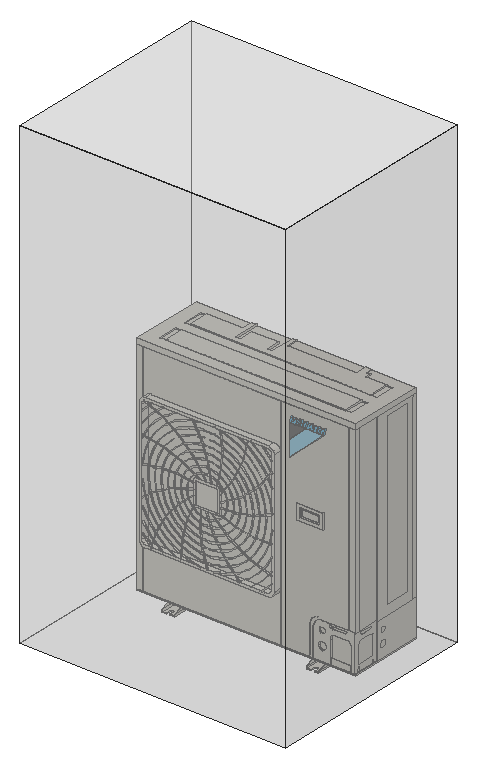
Revit family "outputfile", category 機械設備, Revit 2024 (continued)
Definition of nested family "DAIKIN_outdoorunit_RZFG-AY14"
  Definition of nested family "outdoorunit_frontpanel2"
    Dimensions and locks
      "depth": plane 4 "Back" to plane 5 "Front"
      "width": plane 8 "Left" to plane 6
      "height1": plane 7 "Top" to plane 2 "Bottom"
      locked: plane 10 to plane 9 at 3.199
      plane 5 "Front" to plane 11 = 3.0 mm
      "c": Extrusion 2 sketch curve to plane 2 "Bottom"
      "d": plane 6 to Extrusion 2 sketch curve
      plane 9 to plane 5 "Front" = 3.0 mm
      locked: plane 16 to plane 11 at 1
      plane 12 to plane 13 = 63.168 mm
      "b": plane 13 to plane 2 "Bottom"
      "a": plane 14 to plane 8 "Left"
      plane 15 to plane 14 = 111.0 mm
      locked: plane 12 to Extrusion 4 sketch curve at 10.668
      locked: Extrusion 4 sketch curve to plane 13 at 10.668
      locked: Extrusion 4 sketch curve to plane 14 at 11.193
      locked: plane 15 to Extrusion 4 sketch curve at 11.161
      locked: plane 12 to Extrusion 3 sketch curve at 18.138
      locked: Extrusion 3 sketch curve to plane 13 at 15.648
      locked: Extrusion 3 sketch curve to plane 14 at 16.671
      locked: plane 15 to Extrusion 3 sketch curve at 18.631
      plane 6 to Extrusion 5 sketch curve to Extrusion 5 sketch curve = 26.001 mm locked, 3.081 mm locked
      Extrusion 5 sketch curve to Extrusion 5 sketch curve to plane 2 "Bottom" = 767.453 mm locked, 165.04 mm locked
      Extrusion 5 sketch curve to Extrusion 5 sketch curve to plane 8 "Left" = 3.098 mm locked, 120.45 mm locked
      Extrusion 5 sketch curve to Extrusion 5 sketch curve to plane 2 "Bottom" = 3.101 mm locked, 170.949 mm locked
      locked: Extrusion 5 sketch curve to plane 2 "Bottom" at 6.529
      locked: Extrusion 5 sketch curve to plane 8 "Left" at 280.451
      radius of Extrusion 5 sketch curve = 57.549 mm
      radius of Extrusion 5 sketch curve = 54.452 mm
      "e": radius of Extrusion 2 sketch curve
      aligned and locked: level to plane 2 "Bottom"
      aligned and locked: plane 8 "Left" to Extrusion 1 sketch curve
      aligned and locked: Extrusion 1 sketch curve to plane 4 "Back"
      aligned and locked: plane 5 "Front" to Extrusion 1 sketch curve
      aligned and locked: Extrusion 1 to plane 2 "Bottom"
      aligned and locked: plane 7 "Top" to Extrusion 1
      aligned and locked: plane 3 to plane 8 "Left"
      aligned and locked: plane 2 "Bottom" to Extrusion 2 sketch curve
      aligned and locked: plane 4 "Back" to Extrusion 2
      aligned and locked: plane 9 to Extrusion 3
      aligned and locked: Extrusion 3 to plane 5 "Front"
      aligned and locked: Extrusion 4 to plane 16
      aligned and locked: Extrusion 4 sketch curve to plane 12
      aligned and locked: plane 13 to Extrusion 4 sketch curve
      aligned and locked: plane 14 to Extrusion 4 sketch curve
      aligned and locked: Extrusion 4 sketch curve to plane 15
      aligned and locked: Extrusion 4 to cut or joined group of Extrusion 1, Extrusion 2, Extrusion 3, Extrusion 5
    Automatic sketch dimensions
      Extrusion 1 sketch curve to plane 6 = 0.0 mm
      Extrusion 5 sketch curve to plane 6 = 27.541 mm
      Extrusion 5 sketch curve to Extrusion 5 sketch curve = 0.0 mm  (x7)
      Extrusion 2 sketch curve to plane 6 = 0.0 mm
  Definition of nested family "outdoorunit_backpanel3"
    Parameters (values of type "frontpanel3")
      width = 210.0 mm
      switch_unit1_140 = yes
      material [instance] = none
      height1 = 940.0 mm
      depth = 15.0 mm
      a = 158.5 mm
      Default Elevation = 0.0 mm
    Reference planes
      plane 1 "Center (Front/Back)": y = 0
      plane 2 "Bottom": z = 0
      plane 3: x = 0
      plane 4 "Back": y = 7.5
      plane 5 "Front": y = -7.5
      plane 6: x = 210
      plane 7 "Top": z = 940
      plane 8 "Left": x = 0
      plane 9: y = -4.5
      plane 10: y = -1.301
      plane 11: y = -10.5
      plane 12: z = 158.5
    Forms (mm)
      Extrusion 1, solid, material <- "material", visible <- "switch_unit1_140"
        sketch origin (0, 0, 0) x (1, 0, 0) y (0, 1, 0)
          loop
            line (0, 7.5) -> (0, -7.5) -> (210, -7.5) -> (210, 7.5) -> (0, 7.5)
        from 0 to 940
      Extrusion 2, void
        sketch origin (0, 0, 0) x (1, 0, 0) y (0, 0, 1)
          loop
            line (100, 0) -> (100, 116.5)
            arc (100, 116.5) -> (87.698, 146.198) -> (58, 158.5) r 42
            line (58, 158.5) -> (0, 158.5) -> (0, 0) -> (100, 0)
        from -7.5 to 10.5
      Extrusion 3, solid, material <- "material", visible <- "switch_unit1_140"
        sketch origin (-10, 0, 0) x (1, 0, 0) y (0, 0, 1)
          loop
            line (64, 922) -> (64, 588.5) -> (139, 588.5) -> (139, 51) -> (188, 51) -> (188, 685.5) -> (126, 685.5) -> (126, 731.5) -> (188, 731.5) -> (188, 922) -> (64, 922)
        from 7.5 to 10.5
      Extrusion 4, void
        sketch origin (0, 0, 0) x (1, 0, 0) y (0, 0, 1)
          loop
            arc (39, 556.5) -> (31.929, 553.571) -> (29, 546.5) r 10
            line (29, 546.5) -> (29, 522.5)
            arc (29, 522.5) -> (31.929, 515.429) -> (39, 512.5) r 10
            line (39, 512.5) -> (111, 512.5)
            arc (111, 512.5) -> (118.071, 515.429) -> (121, 522.5) r 10
            line (121, 522.5) -> (121, 546.5)
            arc (121, 546.5) -> (118.071, 553.571) -> (111, 556.5) r 10
            line (111, 556.5) -> (39, 556.5)
        from 4.5 to 10.5
      Extrusion 5, solid, material <- "material", visible <- "switch_unit1_140"
        sketch origin (11.5, 0, 11.453) x (1, 0, 0) y (0, 0, 1)
          loop
            line (126, 708.5) -> (126, 685.5) -> (229.5, 685.5) -> (229.5, 708.5) -> (126, 708.5)
          loop
            arc (134, 701) -> (130, 697) -> (134, 693) r 4
            line (134, 693) -> (143, 693)
            arc (143, 693) -> (147, 697) -> (143, 701) r 4
            line (143, 701) -> (134, 701)
        from 7.5 to 10.5
      Extrusion 6, void
        sketch origin (0, 0, 0) x (1, 0, 0) y (0, 0, 1)
          loop
            circle (52, 195) r 17
          loop
            circle (52, 250) r 13.5
        from 4.5 to 7.5
    Cuts and joins
      Extrusion 2, Extrusion 4, Extrusion 6 cuts Extrusion 1
    Dimensions and locks
      equal spacing: plane 4 "Back", plane 1 "Center (Front/Back)", plane 5 "Front"
      "depth": plane 4 "Back" to plane 5 "Front"
      "width": plane 8 "Left" to plane 6
      "height1": plane 7 "Top" to plane 2 "Bottom"
      locked: plane 10 to plane 9 at 3.199
      locked: plane 5 "Front" to plane 11 at 3
      locked: plane 8 "Left" to Extrusion 2 sketch curve at 100
      locked: Extrusion 3 sketch curve to plane 8 "Left" at 54
      locked: Extrusion 3 sketch curve to Extrusion 3 sketch curve at 124
      locked: Extrusion 3 sketch curve to Extrusion 3 sketch curve at 46
      locked: Extrusion 3 sketch curve to Extrusion 3 sketch curve at 97
      locked: Extrusion 3 sketch curve to plane 2 "Bottom" at 51
      locked: Extrusion 4 sketch curve to Extrusion 4 sketch curve at 92
      locked: Extrusion 4 sketch curve to Extrusion 4 sketch curve at 44
      locked: plane 8 "Left" to Extrusion 4 sketch curve at 29
      locked: Extrusion 5 sketch curve to Extrusion 5 sketch curve at 23
      locked: Extrusion 5 sketch curve to Extrusion 5 sketch curve at 103.5
      locked: Extrusion 5 sketch curve to Extrusion 5 sketch curve at 7.5  (x2)
      Extrusion 5 sketch curve to Extrusion 5 sketch curve to Extrusion 5 sketch curve = 9.0 mm locked, 8.0 mm locked
      locked: Extrusion 5 sketch curve to Extrusion 3 at 21.5
      locked: Extrusion 3 to Extrusion 5 sketch curve at 11.547
      locked: Extrusion 3 sketch curve to plane 2 "Bottom" at 588.5
      locked: Extrusion 4 sketch curve to plane 2 "Bottom" at 512.5
      locked: plane 7 "Top" to Extrusion 3 sketch curve at 18
      locked: plane 9 to plane 5 "Front" at 3
      "a": plane 12 to plane 2 "Bottom"
      locked: Extrusion 6 sketch curve to Extrusion 6 sketch curve at 55
      locked: Extrusion 6 sketch curve to plane 2 "Bottom" at 195
      locked: Extrusion 6 sketch curve to plane 8 "Left" at 52  (x2)
      radius of Extrusion 2 sketch curve = 42.0 mm
      aligned and locked: level to plane 2 "Bottom"
      aligned and locked: plane 8 "Left" to Extrusion 1 sketch curve
      aligned and locked: Extrusion 1 sketch curve to plane 4 "Back"
      aligned and locked: plane 5 "Front" to Extrusion 1 sketch curve
      aligned and locked: Extrusion 1 to plane 2 "Bottom"
      aligned and locked: plane 7 "Top" to Extrusion 1
      aligned and locked: plane 3 to plane 8 "Left"
      aligned and locked: plane 5 "Front" to Extrusion 3
      aligned and locked: Extrusion 3 to plane 11
      aligned and locked: plane 2 "Bottom" to Extrusion 2 sketch curve
      aligned and locked: Extrusion 2 sketch curve to plane 8 "Left"
      aligned and locked: Extrusion 4 to plane 11
      aligned and locked: plane 4 "Back" to Extrusion 2
      aligned and locked: Extrusion 2 to plane 11
      aligned and locked: Extrusion 3 sketch curve to Extrusion 3 sketch curve
      aligned and locked: Extrusion 2 sketch curve to plane 12
      aligned and locked: plane 9 to Extrusion 6
      aligned and locked: Extrusion 6 to plane 5 "Front"
    Automatic sketch dimensions
      Extrusion 1 sketch curve to plane 6 = 0.0 mm
      Extrusion 3 sketch curve to Extrusion 3 sketch curve = 75.0 mm
      Extrusion 4 sketch curve to Extrusion 4 sketch curve = 10.0 mm  (x4)
      Extrusion 3 sketch curve to Extrusion 3 sketch curve = 62.0 mm
      radius of Extrusion 6 sketch curve = 17.0 mm
      radius of Extrusion 6 sketch curve = 13.5 mm
  Definition of nested family "outdoorunit_uppanel1"
    Parameters (values of type "frontpanel1")
      width = 845.0 mm
      switch_unit1_140 = yes
      material [instance] = none
      height1 = 300.0 mm
      depth = 27.5 mm
      Default Elevation = 0.0 mm
    Reference planes
      plane 1 "Center (Front/Back)": y = 0
      plane 2 "Bottom": z = -20
      plane 3: x = -95
      plane 4 "Back": y = 2.75
      plane 5 "Front": y = -19.25
      plane 6: x = 750
      plane 7 "Top": z = 280
      plane 8 "Left": x = -95
      plane 9: y = -22.25
      plane 10: y = -16.25
      plane 11 "Center L/X": y = 12.75
      plane 12: z = 330
      plane 13: x = 835
      plane 14: y = 10.75
      plane 15: x = 845
      plane 16 "Center L/BB": z = 300
    Forms (mm)
      Extrusion 1, solid, material <- "material", visible <- "switch_unit1_140"
        sketch origin (0, -5.5, 0) x (1, 0, 0) y (0, 1, 0)
          loop
            line (-95, 8.25) -> (-95, -13.75) -> (845, -13.75) -> (845, 8.25) -> (-95, 8.25)
        from -20 to 300
      Extrusion 2, solid, material <- "material", visible <- "switch_unit1_140"
        sketch origin (5, -5.5, 0) x (1, 0, 0) y (0, 0, 1)
          loop
            line (-14.699, 250) -> (-14.699, 164.607) -> (754.699, 164.607) -> (754.699, 250.005) -> (668.032, 250.005) -> (668.032, 272.5) -> (651, 272.5) -> (651, 300) -> (628, 300) -> (628, 250) -> (330.85, 250) -> (330.85, 300) -> (312.15, 300) -> (312.15, 190) -> (292.15, 190) -> (292.15, 250) -> (177.85, 250) -> (177.85, 190) -> (157.85, 190) -> (157.85, 300) -> (139.15, 300) -> (139.15, 250) -> (-14.699, 250)
          loop
            line (-14.699, 115.4) -> (-14.699, 30.148) -> (754.699, 30.148) -> (754.699, 115.4) -> (-14.699, 115.4)
        from 13.75 to 16.75
      Extrusion 3, void
        sketch origin (5, -5.5, 0) x (1, 0, 0) y (0, 0, 1)
          loop
            line (-14.699, 250) -> (-40.699, 250) -> (-40.699, 164.605) -> (-14.699, 164.605) -> (-14.699, 250)
          loop
            line (157.85, 190) -> (177.85, 190) -> (177.85, 250) -> (292.15, 250) -> (292.15, 190) -> (312.15, 190) -> (312.15, 300) -> (157.85, 300) -> (157.85, 190)
          loop
            line (754.699, 164.605) -> (780.699, 164.605) -> (780.699, 250) -> (754.699, 250) -> (754.699, 164.605)
          loop
            line (-14.699, 115.4) -> (-40.699, 115.4) -> (-40.699, 30.005) -> (-14.699, 30.005) -> (-14.699, 115.4)
          loop
            line (754.699, 30.005) -> (780.699, 30.005) -> (780.699, 115.4) -> (754.699, 115.4) -> (754.699, 30.005)
        from 10.75 to 13.75
    Cuts and joins
      Extrusion 3 cuts Extrusion 1
      joined: Extrusion 1, Extrusion 2
    Dimensions and locks
      "width": plane 8 "Left" to plane 6
      "height1": plane 7 "Top" to plane 2 "Bottom"
      plane 9 to plane 5 "Front" to plane 10 = 3.0 mm locked, 3.0 mm locked
      locked: plane 4 "Back" to plane 5 "Front" at 22
      locked: plane 11 "Center L/X" to plane 5 "Front" at 32
      locked: plane 12 to plane 2 "Bottom" at 350
      locked: plane 8 "Left" to plane 13 at 930
      locked: plane 14 to plane 5 "Front" at 30
      locked: plane 16 "Center L/BB" to plane 2 "Bottom" at 320
      aligned and locked: plane 3 to plane 8 "Left"
      aligned and locked: plane 15 to cut or joined group of Extrusion 1, Extrusion 2, Extrusion 3
      aligned and locked: cut or joined group of Extrusion 1, Extrusion 2, Extrusion 3 to plane 4 "Back"
      aligned and locked: plane 16 "Center L/BB" to cut or joined group of Extrusion 1, Extrusion 2, Extrusion 3
    Automatic sketch dimensions
      Extrusion 1 sketch curve to plane 3 = 0.0 mm
      plane 5 "Front" to Extrusion 1 sketch curve = 0.0 mm
      Extrusion 1 sketch curve to plane 15 = 0.0 mm
      Extrusion 1 sketch curve to plane 4 "Back" = 0.0 mm
      Extrusion 2 sketch curve to plane 7 "Top" = 30.0 mm  (x3)
      plane 3 to Extrusion 2 sketch curve = 85.301 mm
      Extrusion 2 sketch curve to Extrusion 2 sketch curve = 0.0 mm
      plane 16 "Center L/BB" to Extrusion 2 sketch curve = 0.0 mm  (x3)
      Extrusion 2 sketch curve to Extrusion 2 sketch curve = 153.849 mm
      Extrusion 2 sketch curve to Extrusion 2 sketch curve = 18.7 mm  (x2)
      Extrusion 2 sketch curve to Extrusion 2 sketch curve = 20.0 mm  (x2)
      Extrusion 2 sketch curve to Extrusion 2 sketch curve = 114.3 mm
      Extrusion 2 sketch curve to plane 6 = 117.0 mm
      Extrusion 2 sketch curve to plane 7 "Top" = 7.5 mm
      Extrusion 2 sketch curve to Extrusion 2 sketch curve = 23.0 mm
      Extrusion 2 sketch curve to Extrusion 2 sketch curve = 17.032 mm
      plane 6 to Extrusion 2 sketch curve = 9.699 mm  (x2)
      Extrusion 2 sketch curve to Extrusion 2 sketch curve = 60.0 mm  (x2)
      Extrusion 2 sketch curve to plane 7 "Top" = 115.393 mm
      Extrusion 2 sketch curve to Extrusion 2 sketch curve = 49.207 mm
      level to Extrusion 2 sketch curve = 30.148 mm
      Extrusion 2 sketch curve to Extrusion 2 sketch curve = 22.495 mm
      Extrusion 3 sketch curve to plane 16 "Center L/BB" = 0.0 mm
      plane 3 to Extrusion 3 sketch curve = 59.301 mm  (x2)
      Extrusion 3 sketch curve to Extrusion 3 sketch curve = 26.0 mm  (x4)
      Extrusion 3 sketch curve to Extrusion 3 sketch curve = 172.549 mm
      Extrusion 3 sketch curve to Extrusion 3 sketch curve = 20.0 mm  (x2)
      Extrusion 3 sketch curve to Extrusion 3 sketch curve = 114.3 mm
      plane 6 to Extrusion 3 sketch curve = 9.699 mm  (x2)
      Extrusion 3 sketch curve to plane 7 "Top" = 30.0 mm  (x3)
      Extrusion 3 sketch curve to Extrusion 3 sketch curve = 60.0 mm  (x2)
      Extrusion 3 sketch curve to Extrusion 3 sketch curve = 85.395 mm  (x2)
      Extrusion 3 sketch curve to Extrusion 3 sketch curve = 49.205 mm  (x2)
      level to Extrusion 3 sketch curve = 30.005 mm  (x2)
  Definition of nested family "outdoorunit_3"
    Parameters (values of type "frontpanel2")
      width = 85.0 mm
      switch_unit1 = no
      material [instance] = none
      height1 = 24.0 mm
      depth = 380.0 mm
      Default Elevation = 0.0 mm
    Reference planes
      plane 1 "Center (Front/Back)": y = 0
      plane 2 "Bottom": z = 0
      plane 3 "Center (Left/Right)": x = 0
      plane 4 "Top": z = 24
      plane 5 "Center L/BB": x = -42.5
      plane 6 "Center L/CC": x = 42.5
      plane 7: y = 190
      plane 8: y = -190
      plane 9: y = 175
      plane 10: y = -175
    Forms (mm)
      Extrusion 1, solid, material <- "material", visible <- "switch_unit1"
        sketch origin (0, 0, 0) x (1, 0, 0) y (0, 0, 1)
          loop
            line (-42.5, 24) -> (-42.5, 22.4) -> (-29.4, 22.4) -> (-28.864, 18.4) -> (-27.471, 8) -> (-26.4, 0) -> (26.4, 0) -> (27.471, 8) -> (28.864, 18.4) -> (29.4, 22.4) -> (42.5, 22.4) -> (42.5, 24) -> (28, 24) -> (27.25, 18.4) -> (25.857, 8) -> (25, 1.6) -> (-25, 1.6) -> (-25.857, 8) -> (-27.25, 18.4) -> (-28, 24) -> (-42.5, 24)
        from -190 to 190
      Extrusion 2, void
        sketch origin (0, 0, 0) x (1, 0, 0) y (0, 1, 0)
          loop
            arc (-7.5, 175) -> (0, 167.5) -> (7.5, 175) r 7.5
            line (7.5, 175) -> (7.5, 190) -> (-7.5, 190) -> (-7.5, 175)
        from 0 to 1.6
      Extrusion 3, void
        sketch origin (0, 0, 0) x (1, 0, 0) y (0, 1, 0)
          loop
            line (-7.5, -175) -> (-7.5, -190) -> (7.5, -190) -> (7.5, -175)
            arc (7.5, -175) -> (0, -167.5) -> (-7.5, -175) r 7.5
        from 0 to 1.6
      Extrusion 4, void
        sketch origin (0, 0, 0) x (0, 1, 0) y (0, 0, 1)
          loop
            line (159, 18.4) -> (190, 8) -> (190, 24) -> (145, 24) -> (145, 22.4) -> (149, 18.4) -> (159, 18.4)
          loop
            line (-190, 24) -> (-190, 8) -> (-159, 22.4) -> (-159, 24) -> (-190, 24)
        from -42.5 to 42.5
    Cuts and joins
      Extrusion 2, Extrusion 3, Extrusion 4 cuts Extrusion 1
    Dimensions and locks
      "height1": plane 4 "Top" to plane 2 "Bottom"
      equal spacing: plane 5 "Center L/BB", plane 3 "Center (Left/Right)", plane 6 "Center L/CC"
      "width": plane 6 "Center L/CC" to plane 5 "Center L/BB"
      equal spacing: plane 8, plane 1 "Center (Front/Back)", plane 7
      "depth": plane 8 to plane 7
      locked: plane 9 to plane 7 at 15
      locked: plane 10 to plane 8 at 15
      Extrusion 2 to plane 3 "Center (Left/Right)" = 7.5 mm
      aligned and locked: level to plane 2 "Bottom"
      aligned and locked: Extrusion 1 to plane 7
      aligned and locked: Extrusion 1 to plane 8
      aligned and locked: plane 9 to Extrusion 2 sketch curve
      aligned and locked: plane 3 "Center (Left/Right)" to Extrusion 2 sketch curve
      aligned and locked: Extrusion 2 to level
      aligned and locked: Extrusion 4 to plane 5 "Center L/BB"
      aligned and locked: Extrusion 4 to plane 6 "Center L/CC"
    Automatic sketch dimensions
      Extrusion 1 sketch curve to plane 5 "Center L/BB" = 0.0 mm
      plane 6 "Center L/CC" to Extrusion 1 sketch curve = 0.0 mm
      plane 5 "Center L/BB" to Extrusion 1 sketch curve = 13.1 mm
      level to Extrusion 1 sketch curve = 0.0 mm
      plane 5 "Center L/BB" to Extrusion 1 sketch curve = 16.1 mm
      level to Extrusion 1 sketch curve = 8.0 mm  (x2)
      plane 6 "Center L/CC" to Extrusion 1 sketch curve = 17.5 mm
      Extrusion 1 sketch curve to plane 4 "Top" = 0.0 mm  (x2)
      Extrusion 1 sketch curve to Extrusion 1 sketch curve = 0.529 mm
      Extrusion 1 sketch curve to plane 4 "Top" = 5.6 mm  (x5)
      Extrusion 1 sketch curve to Extrusion 1 sketch curve = 0.864 mm
      Extrusion 1 sketch curve to Extrusion 1 sketch curve = 1.4 mm  (x4)
      Extrusion 1 sketch curve to plane 4 "Top" = 1.6 mm
      Extrusion 1 sketch curve to Extrusion 1 sketch curve = 1.614 mm  (x4)
      Extrusion 1 sketch curve to Extrusion 1 sketch curve = 0.0 mm  (x5)
      level to Extrusion 1 sketch curve = 1.6 mm
      Extrusion 2 sketch curve to plane 3 "Center (Left/Right)" = 7.5 mm
      Extrusion 3 sketch curve to plane 10 = 0.0 mm
      Extrusion 3 sketch curve to plane 3 "Center (Left/Right)" = 0.0 mm
      Extrusion 3 sketch curve to plane 3 "Center (Left/Right)" = 7.5 mm
      Extrusion 4 sketch curve to plane 7 = 0.0 mm
      Extrusion 4 sketch curve to plane 4 "Top" = 5.6 mm
      plane 9 to Extrusion 4 sketch curve = 16.0 mm
      Extrusion 4 sketch curve to Extrusion 4 sketch curve = 10.0 mm
      level to Extrusion 4 sketch curve = 8.0 mm  (x2)
      Extrusion 4 sketch curve to plane 4 "Top" = 1.6 mm  (x2)
      Extrusion 4 sketch curve to Extrusion 4 sketch curve = 4.0 mm
      Extrusion 4 sketch curve to plane 8 = 0.0 mm
      Extrusion 4 sketch curve to plane 4 "Top" = 0.0 mm  (x2)
      plane 10 to Extrusion 4 sketch curve = 16.0 mm
      plane 7 to Extrusion 2 sketch curve = 0.0 mm
      plane 8 to Extrusion 3 sketch curve = 0.0 mm
      Extrusion 1 sketch curve to Extrusion 1 sketch curve = 0.536 mm
      Extrusion 1 sketch curve to Extrusion 1 sketch curve = 0.543 mm
      Extrusion 1 sketch curve to Extrusion 1 sketch curve = 2.471 mm
      Extrusion 1 sketch curve to Extrusion 1 sketch curve = 1.6 mm
  Definition of nested family "outdoorunit_front1"
    Parameters (values of type "front1")
      width = 578.0 mm
      switch_unit1_140 = yes
      material_casing = none
      material [instance] = none
      height1 = 578.0 mm
      depth = 30.0 mm
      Default Elevation = 0.0 mm
    Reference planes
      plane 1 "Center (Front/Back)": y = 0
      plane 2 "Bottom": z = 0
      plane 3 "Center (Left/Right)": x = 0
      plane 4 "unit1_2": z = 0
      plane 5: y = -30
      plane 6: y = -28
      plane 7 "00": y = -29
      plane 8: z = 0
      plane 9: z = 0
      plane 10: x = -289
      plane 11: x = 289
      plane 12: z = 289
      plane 13: z = -289
      plane 14: y = -22
      plane 15: y = -3.987
      plane 16: y = -23
    Forms (mm)
      Extrusion 1, solid, material <- "material_casing", visible <- "switch_unit1_140"
        sketch origin (-567.997, -190, -2858.504) x (-1, 0, 0) y (0, 0, 1)
          loop
            line (-278.997, 2594.504) -> (-278.997, 3122.504)
            arc (-278.997, 3122.504) -> (-286.32, 3140.181) -> (-303.997, 3147.504) r 25
            line (-303.997, 3147.504) -> (-831.997, 3147.504)
            arc (-831.997, 3147.504) -> (-849.675, 3140.181) -> (-856.997, 3122.504) r 25
            line (-856.997, 3122.504) -> (-856.997, 2594.504)
            arc (-856.997, 2594.504) -> (-849.675, 2576.826) -> (-831.997, 2569.504) r 25
            line (-831.997, 2569.504) -> (-303.997, 2569.504)
            arc (-303.997, 2569.504) -> (-286.32, 2576.826) -> (-278.997, 2594.504) r 25
          loop
            line (-288.997, 2599.504) -> (-288.997, 3117.504)
            arc (-288.997, 3117.504) -> (-294.855, 3131.646) -> (-308.997, 3137.504) r 20
            line (-308.997, 3137.504) -> (-826.997, 3137.504)
            arc (-826.997, 3137.504) -> (-841.14, 3131.646) -> (-846.997, 3117.504) r 20
            line (-846.997, 3117.504) -> (-846.997, 2599.504)
            arc (-846.997, 2599.504) -> (-841.14, 2585.361) -> (-826.997, 2579.504) r 20
            line (-826.997, 2579.504) -> (-308.997, 2579.504)
            arc (-308.997, 2579.504) -> (-294.855, 2585.361) -> (-288.997, 2599.504) r 20
        from 160 to 190
      Sweep 2, solid, material <- "material_casing", visible <- "switch_unit1_140"
        path origin (0, -29, 0) x (-1, 0, 0) y (0, 0, 1)
          loop
            circle (0, 0) r 86.3
        profile origin (0, -29, -86.3) x (0, 0, -1) y (0, 1, 0)
          loop
            circle (0, 0) r 1
      Sweep 3, solid, material <- "material_casing", visible <- "switch_unit1_140"
        path origin (0, -29, 0) x (-1, 0, 0) y (0, 0, 1)
          loop
            circle (0, 0) r 113.459
        profile origin (0, -29, -113.459) x (0, 0, -1) y (0, 1, 0)
          loop
            circle (0, 0) r 1
      Sweep 4, solid, material <- "material_casing", visible <- "switch_unit1_140"
        path origin (0, -29, 0) x (-1, 0, 0) y (0, 0, 1)
          loop
            circle (0, 0) r 141.289
        profile origin (0, -29, -141.289) x (0, 0, -1) y (0, 1, 0)
          loop
            circle (0, 0) r 1
      Sweep 5, solid, material <- "material_casing", visible <- "switch_unit1_140"
        path origin (0, -29, 0) x (-1, 0, 0) y (0, 0, 1)
          loop
            circle (0, 0) r 169.119
        profile origin (0, -29, -169.119) x (0, 0, -1) y (0, 1, 0)
          loop
            circle (0, 0) r 1
      Sweep 6, solid, material <- "material_casing", visible <- "switch_unit1_140"
        path origin (0, -29, 0) x (-1, 0, 0) y (0, 0, 1)
          loop
            circle (0, 0) r 196.948
        profile origin (0, -29, -196.948) x (0, 0, -1) y (0, 1, 0)
          loop
            circle (0, 0) r 1
      Sweep 7, solid, material <- "material_casing", visible <- "switch_unit1_140"
        path origin (0, -29, 0) x (-1, 0, 0) y (0, 0, 1)
          loop
            circle (0, 0) r 224.778
        profile origin (0, -29, -224.778) x (0, 0, -1) y (0, 1, 0)
          loop
            circle (0, 0) r 1
      Sweep 8, solid, material <- "material_casing", visible <- "switch_unit1_140"
        path origin (0, -29, 0) x (-1, 0, 0) y (0, 0, 1)
          loop
            circle (0, 0) r 252.607
        profile origin (0, -29, -252.607) x (0, 0, -1) y (0, 1, 0)
          loop
            circle (0, 0) r 1
      Sweep 9, solid, material <- "material_casing", visible <- "switch_unit1_140"
        path origin (0, -29, 0) x (-1, 0, 0) y (0, 0, 1)
          loop
            arc (-279, 28.354) -> (-198.299, 198.299) -> (-28.354, 279) r 280.437
        profile origin (198.299, -29, 198.299) x (0.707107, 0, 0.707107) y (0, 1, 0)
          loop
            circle (0, 0) r 1
      Sweep 10, solid, material <- "material_casing", visible <- "switch_unit1_140"
        path origin (0, -29, 0) x (-1, 0, 0) y (0, 0, 1)
          loop
            arc (-279, 131.1) -> (-217.977, 217.977) -> (-131.1, 279) r 308.267
        profile origin (217.977, -29, 217.977) x (0.707107, 0, 0.707107) y (0, 1, 0)
          loop
            circle (0, 0) r 1
      Sweep 11, solid, material <- "material_casing", visible <- "switch_unit1_140"
        path origin (0, -29, 0) x (-1, 0, 0) y (0, 0, 1)
          loop
            arc (-279, 187.403) -> (-237.656, 237.656) -> (-187.403, 279) r 336.096
        profile origin (237.656, -29, 237.656) x (0.707107, 0, 0.707107) y (0, 1, 0)
          loop
            circle (0, 0) r 1
      Sweep 12, solid, material <- "material_casing", visible <- "switch_unit1_140"
        path origin (0, -29, 0) x (-1, 0, 0) y (0, 0, 1)
          loop
            arc (-279, 235.332) -> (-258.091, 258.091) -> (-235.332, 279) r 364.996
        profile origin (258.091, -29, 258.091) x (0.707107, 0, 0.707107) y (0, 1, 0)
          loop
            circle (0, 0) r 1
      Sweep 13, solid, material <- "material_casing", visible <- "switch_unit1_140"
        path origin (0, -29, 0) x (-1, 0, 0) y (0, 0, 1)
          loop
            arc (-279, -28.354) -> (-198.299, -198.299) -> (-28.354, -279) r 280.437
        profile origin (198.299, -29, -198.299) x (-0.707107, 0, 0.707107) y (0, 1, 0)
          loop
            circle (0, 0) r 1
      Sweep 14, solid, material <- "material_casing", visible <- "switch_unit1_140"
        path origin (0, -29, 0) x (-1, 0, 0) y (0, 0, 1)
          loop
            arc (-279, -131.1) -> (-217.977, -217.977) -> (-131.1, -279) r 308.267
        profile origin (217.977, -29, -217.977) x (-0.707107, 0, 0.707107) y (0, 1, 0)
          loop
            circle (0, 0) r 1
      Sweep 15, solid, material <- "material_casing", visible <- "switch_unit1_140"
        path origin (0, -29, 0) x (-1, 0, 0) y (0, 0, 1)
          loop
            arc (-279, -187.403) -> (-237.656, -237.656) -> (-187.403, -279) r 336.096
        profile origin (237.656, -29, -237.656) x (-0.707107, 0, 0.707107) y (0, 1, 0)
          loop
            circle (0, 0) r 1
      Sweep 16, solid, material <- "material_casing", visible <- "switch_unit1_140"
        path origin (0, -29, 0) x (-1, 0, 0) y (0, 0, 1)
          loop
            arc (-279, -235.332) -> (-258.091, -258.091) -> (-235.332, -279) r 364.996
        profile origin (258.091, -29, -258.091) x (-0.707107, 0, 0.707107) y (0, 1, 0)
          loop
            circle (0, 0) r 1
      Sweep 17, solid, material <- "material_casing", visible <- "switch_unit1_140"
        path origin (0, -29, 0) x (-1, 0, 0) y (0, 0, 1)
          loop
            arc (279, 28.354) -> (198.299, 198.299) -> (28.354, 279) r 280.437
        profile origin (-198.299, -29, 198.299) x (0.707107, 0, -0.707107) y (0, 1, 0)
          loop
            circle (0, 0) r 1
      Sweep 18, solid, material <- "material_casing", visible <- "switch_unit1_140"
        path origin (0, -29, 0) x (-1, 0, 0) y (0, 0, 1)
          loop
            arc (279, 131.1) -> (217.977, 217.977) -> (131.1, 279) r 308.267
        profile origin (-217.977, -29, 217.977) x (0.707107, 0, -0.707107) y (0, 1, 0)
          loop
            circle (0, 0) r 1
      Sweep 19, solid, material <- "material_casing", visible <- "switch_unit1_140"
        path origin (0, -29, 0) x (-1, 0, 0) y (0, 0, 1)
          loop
            arc (279, 187.403) -> (237.656, 237.656) -> (187.403, 279) r 336.096
        profile origin (-237.656, -29, 237.656) x (0.707107, 0, -0.707107) y (0, 1, 0)
          loop
            circle (0, 0) r 1
      Sweep 20, solid, material <- "material_casing", visible <- "switch_unit1_140"
        path origin (0, -29, 0) x (-1, 0, 0) y (0, 0, 1)
          loop
            arc (279, 235.332) -> (258.091, 258.091) -> (235.332, 279) r 364.996
        profile origin (-258.091, -29, 258.091) x (0.707107, 0, -0.707107) y (0, 1, 0)
          loop
            circle (0, 0) r 1
      Sweep 21, solid, material <- "material_casing", visible <- "switch_unit1_140"
        path origin (0, -29, 0) x (-1, 0, 0) y (0, 0, 1)
          loop
            arc (279, -28.354) -> (198.299, -198.299) -> (28.354, -279) r 280.437
        profile origin (-198.299, -29, -198.299) x (-0.707107, 0, -0.707107) y (0, 1, 0)
          loop
            circle (0, 0) r 1
      Sweep 22, solid, material <- "material_casing", visible <- "switch_unit1_140"
        path origin (0, -29, 0) x (-1, 0, 0) y (0, 0, 1)
          loop
            arc (279, -131.1) -> (217.977, -217.977) -> (131.1, -279) r 308.267
        profile origin (-217.977, -29, -217.977) x (-0.707107, 0, -0.707107) y (0, 1, 0)
          loop
            circle (0, 0) r 1
      Sweep 23, solid, material <- "material_casing", visible <- "switch_unit1_140"
        path origin (0, -29, 0) x (-1, 0, 0) y (0, 0, 1)
          loop
            arc (279, -187.403) -> (237.656, -237.656) -> (187.403, -279) r 336.096
        profile origin (-237.656, -29, -237.656) x (-0.707107, 0, -0.707107) y (0, 1, 0)
          loop
            circle (0, 0) r 1
      Sweep 24, solid, material <- "material_casing", visible <- "switch_unit1_140"
        path origin (0, -29, 0) x (-1, 0, 0) y (0, 0, 1)
          loop
            arc (279, -235.332) -> (258.091, -258.091) -> (235.332, -279) r 364.996
        profile origin (-258.091, -29, -258.091) x (-0.707107, 0, -0.707107) y (0, 1, 0)
          loop
            circle (0, 0) r 1
      Sweep 25, solid, material <- "material_casing", visible <- "switch_unit1_140"
        path origin (0, -29, 0) x (-1, 0, 0) y (0, 0, 1)
          loop
            arc (6.824, 57.952) -> (118.212, 191.113) -> (269.71, 275.891) r 479.566
        profile origin (-118.212, -29, 191.113) x (0.638223, 0, 0.769851) y (0, 1, 0)
          loop
            circle (0, 0) r 1
      Sweep 26, solid, material <- "material_casing", visible <- "switch_unit1_140"
        path origin (0, -29, 0) x (-1, 0, 0) y (0, 0, 1)
          loop
            arc (-17.961, 57.667) -> (9.323, 173.22) -> (63.245, 279) r 496.816
        profile origin (-9.323, -29, 173.22) x (0.938806, 0, 0.344446) y (0, 1, 0)
          loop
            circle (0, 0) r 1
      Sweep 27, solid, material <- "material_casing", visible <- "switch_unit1_140"
        path origin (0, -29, 0) x (-1, 0, 0) y (0, 0, 1)
          loop
            arc (-41.213, 56.246) -> (-62.33, 166.712) -> (-55.994, 279) r 459.725
        profile origin (62.33, -29, 166.712) x (0.997806, 0, -0.066212) y (0, 1, 0)
          loop
            circle (0, 0) r 1
      Sweep 28, solid, material <- "material_casing", visible <- "switch_unit1_140"
        path origin (0, -29, 0) x (-1, 0, 0) y (0, 0, 1)
          loop
            arc (-57.088, 29.733) -> (-133.914, 145.739) -> (-173.929, 279) r 476.2
        profile origin (133.914, -29, 145.739) x (0.905463, 0, -0.424426) y (0, 1, 0)
          loop
            circle (0, 0) r 1
      Sweep 29, solid, material <- "material_casing", visible <- "switch_unit1_140"
        path origin (0, -29, 0) x (-1, 0, 0) y (0, 0, 1)
          loop
            arc (-58, -0.352) -> (-183.444, 80.23) -> (-279, 194.681) r 492.127
        profile origin (183.444, -29, 80.23) x (0.661685, 0, -0.749782) y (0, 1, 0)
          loop
            circle (0, 0) r 1
      Sweep 30, solid, material <- "material_casing", visible <- "switch_unit1_140"
        path origin (0, -29, 0) x (-1, 0, 0) y (0, 0, 1)
          loop
            arc (-57.491, -22.221) -> (-171.512, -9.196) -> (-279, 31.013) r 471.087
        profile origin (171.512, -29, -9.196) x (0.233668, 0, -0.972316) y (0, 1, 0)
          loop
            circle (0, 0) r 1
      Sweep 31, solid, material <- "material_casing", visible <- "switch_unit1_140"
        path origin (0, -29, 0) x (-1, 0, 0) y (0, 0, 1)
          loop
            arc (-55.51, -48.922) -> (-165.095, -80.253) -> (-279, -84.258) r 469.546
        profile origin (165.095, -29, -80.253) x (-0.156171, 0, -0.98773) y (0, 1, 0)
          loop
            circle (0, 0) r 1
      Sweep 32, solid, material <- "material_casing", visible <- "switch_unit1_140"
        path origin (0, -29, 0) x (-1, 0, 0) y (0, 0, 1)
          loop
            arc (-19.722, -57.599) -> (-137.671, -152.522) -> (-279, -206.821) r 489.037
        profile origin (137.671, -29, -152.522) x (-0.498817, 0, -0.866707) y (0, 1, 0)
          loop
            circle (0, 0) r 1
      Sweep 33, solid, material <- "material_casing", visible <- "switch_unit1_140"
        path origin (0, -29, 0) x (-1, 0, 0) y (0, 0, 1)
          loop
            arc (4.92, -57.975) -> (-52.368, -178.703) -> (-140.674, -279) r 480.789
        profile origin (52.368, -29, -178.703) x (-0.835099, 0, -0.5501) y (0, 1, 0)
          loop
            circle (0, 0) r 1
      Sweep 34, solid, material <- "material_casing", visible <- "switch_unit1_140"
        path origin (0, -29, 0) x (-1, 0, 0) y (0, 0, 1)
          loop
            arc (27.965, -57.193) -> (27.107, -169.876) -> (-1.006, -279) r 461.983
        profile origin (-27.107, -29, -169.876) x (-0.991578, 0, -0.129514) y (0, 1, 0)
          loop
            circle (0, 0) r 1
      Sweep 35, solid, material <- "material_casing", visible <- "switch_unit1_140"
        path origin (0, -29, 0) x (-1, 0, 0) y (0, 0, 1)
          loop
            arc (55.483, -49.078) -> (98.149, -160.565) -> (113.088, -279) r 498.529
        profile origin (-98.149, -29, -160.565) x (-0.970019, 0, 0.243029) y (0, 1, 0)
          loop
            circle (0, 0) r 1
      Sweep 36, solid, material <- "material_casing", visible <- "switch_unit1_140"
        path origin (0, -29, 0) x (-1, 0, 0) y (0, 0, 1)
          loop
            arc (57.783, -14.521) -> (172.915, -130.581) -> (241.45, -279) r 471.088
        profile origin (-172.915, -29, -130.581) x (-0.821368, 0, 0.570399) y (0, 1, 0)
          loop
            circle (0, 0) r 1
      Sweep 37, solid, material <- "material_casing", visible <- "switch_unit1_140"
        path origin (0, -29, 0) x (-1, 0, 0) y (0, 0, 1)
          loop
            arc (57.896, 10.049) -> (175.824, -29.538) -> (279, -99.028) r 464.069
        profile origin (-175.824, -29, -29.538) x (-0.44242, 0, 0.896808) y (0, 1, 0)
          loop
            circle (0, 0) r 1
      Sweep 38, solid, material <- "material_casing", visible <- "switch_unit1_140"
        path origin (0, -29, 0) x (-1, 0, 0) y (0, 0, 1)
          loop
            arc (56.638, 36.322) -> (168.308, 44.747) -> (279, 27.765) r 493.254
        profile origin (-168.308, -29, 44.747) x (-0.038455, 0, 0.99926) y (0, 1, 0)
          loop
            circle (0, 0) r 1
      Sweep 39, solid, material <- "material_casing", visible <- "switch_unit1_140"
        path origin (0, -29, 0) x (-1, 0, 0) y (0, 0, 1)
          loop
            arc (34.645, 56.761) -> (151.249, 115.621) -> (279, 142.84) r 508.575
        profile origin (-151.249, -29, 115.621) x (0.332257, 0, 0.943189) y (0, 1, 0)
          loop
            circle (0, 0) r 1
      Extrusion 40, solid, material <- "material_casing", visible <- "switch_unit1_140"
        sketch origin (0, -29, 0) x (-1, 0, 0) y (0, 0, 1)
          loop
            arc (-48.416, 55.577) -> (-53.274, 53.274) -> (-55.577, 48.416) r 8
            arc (-55.577, 48.416) -> (-58, 0) -> (-55.577, -48.416) r 485
            arc (-55.577, -48.416) -> (-53.274, -53.274) -> (-48.416, -55.577) r 8
            arc (-48.416, -55.577) -> (0, -58) -> (48.416, -55.577) r 485
            arc (48.416, -55.577) -> (53.274, -53.274) -> (55.577, -48.416) r 8
            arc (55.577, -48.416) -> (58, 0) -> (55.577, 48.416) r 485
            arc (55.577, 48.416) -> (53.274, 53.274) -> (48.416, 55.577) r 8
            arc (48.416, 55.577) -> (0, 58) -> (-48.416, 55.577) r 485
          loop
            arc (-45.155, 47.858) -> (-46.993, 46.993) -> (-47.858, 45.155) r 3
            arc (-47.858, 45.155) -> (-50, 0) -> (-47.858, -45.155) r 477
            arc (-47.858, -45.155) -> (-46.993, -46.993) -> (-45.155, -47.858) r 3
            arc (-45.155, -47.858) -> (0, -50) -> (45.155, -47.858) r 477
            arc (45.155, -47.858) -> (46.993, -46.993) -> (47.858, -45.155) r 3
            arc (47.858, -45.155) -> (50, 0) -> (47.858, 45.155) r 477
            arc (47.858, 45.155) -> (46.993, 46.993) -> (45.155, 47.858) r 3
            arc (45.155, 47.858) -> (0, 50) -> (-45.155, 47.858) r 477
        from -1 to 0
      Extrusion 41, solid, material <- "material_casing", visible <- "switch_unit1_140"
        sketch origin (0, -29, 0) x (-1, 0, 0) y (0, 0, 1)
          loop
            arc (48.416, 55.577) -> (0, 58) -> (-48.416, 55.577) r 485
            arc (-48.416, 55.577) -> (-53.274, 53.274) -> (-55.577, 48.416) r 8
            arc (-55.577, 48.416) -> (-58, 0) -> (-55.577, -48.416) r 485
            arc (-55.577, -48.416) -> (-53.274, -53.274) -> (-48.416, -55.577) r 8
            arc (-48.416, -55.577) -> (0, -58) -> (48.416, -55.577) r 485
            arc (48.416, -55.577) -> (53.274, -53.274) -> (55.577, -48.416) r 8
            arc (55.577, -48.416) -> (58, 0) -> (55.577, 48.416) r 485
            arc (55.577, 48.416) -> (53.274, 53.274) -> (48.416, 55.577) r 8
        from 0 to 1
    Dimensions and locks
      "depth": plane 5 to plane 1 "Center (Front/Back)"
      locked: plane 6 to plane 7 "00" at 1
      locked: plane 7 "00" to plane 5 at 1
      locked: Extrusion 1 sketch curve to plane 10 at 10
      locked: Extrusion 1 sketch curve to plane 11 at 10
      locked: Extrusion 1 sketch curve to plane 13 at 10
      locked: plane 12 to Extrusion 1 sketch curve at 10
      equal spacing: plane 11, plane 3 "Center (Left/Right)", plane 10
      "width": plane 11 to plane 10
      equal spacing: plane 12, plane 8, plane 13
      "height1": plane 12 to plane 13
      locked: plane 1 "Center (Front/Back)" to plane 14 at 22
      locked: plane 1 "Center (Front/Back)" to plane 16 at 23
      aligned and locked: level to plane 2 "Bottom"
      aligned and locked: plane 9 to plane 8
      aligned and locked: Extrusion 1 to plane 1 "Center (Front/Back)"
      aligned and locked: Extrusion 1 to plane 5
      aligned and locked: Extrusion 1 sketch curve to plane 12
      aligned and locked: plane 10 to Extrusion 1 sketch curve
      aligned and locked: Extrusion 1 sketch curve to plane 11
      aligned and locked: Extrusion 1 sketch curve to plane 13
      aligned and locked: plane 7 "00" to Extrusion 40
      aligned and locked: Extrusion 40 to plane 5
      aligned and locked: plane 6 to Extrusion 41
      aligned and locked: Extrusion 41 to plane 7 "00"
    Automatic sketch dimensions
      plane 11 to Extrusion 1 sketch curve = 25.0 mm
      Extrusion 1 sketch curve to Extrusion 1 sketch curve = 15.0 mm
      Extrusion 1 sketch curve to Extrusion 1 sketch curve = 5.0 mm  (x4)
      Extrusion 1 sketch curve to Extrusion 1 sketch curve = 20.0 mm  (x2)
      plane 3 "Center (Left/Right)" to Sweep 2 sketch curve = 0.0 mm
      Sweep 2 sketch curve to level = 0.0 mm
      Sweep 2 sketch curve to plane 7 "00" = 0.0 mm
      Sweep 2 sketch curve to profile plane = 0.0 mm
      plane 3 "Center (Left/Right)" to Sweep 3 sketch curve = 0.0 mm
      Sweep 3 sketch curve to level = 0.0 mm
      Sweep 3 sketch curve to plane 7 "00" = 0.0 mm
      Sweep 3 sketch curve to profile plane = 0.0 mm
      plane 3 "Center (Left/Right)" to Sweep 4 sketch curve = 0.0 mm
      Sweep 4 sketch curve to level = 0.0 mm
      Sweep 4 sketch curve to plane 7 "00" = 0.0 mm
      Sweep 4 sketch curve to profile plane = 0.0 mm
      plane 3 "Center (Left/Right)" to Sweep 5 sketch curve = 0.0 mm
      Sweep 5 sketch curve to level = 0.0 mm
      Sweep 5 sketch curve to plane 7 "00" = 0.0 mm
      Sweep 5 sketch curve to profile plane = 0.0 mm
      plane 3 "Center (Left/Right)" to Sweep 6 sketch curve = 0.0 mm
      Sweep 6 sketch curve to level = 0.0 mm
      Sweep 6 sketch curve to plane 7 "00" = 0.0 mm
      Sweep 6 sketch curve to profile plane = 0.0 mm
      plane 3 "Center (Left/Right)" to Sweep 7 sketch curve = 0.0 mm
      Sweep 7 sketch curve to level = 0.0 mm
      Sweep 7 sketch curve to plane 7 "00" = 0.0 mm
      Sweep 7 sketch curve to profile plane = 0.0 mm
      plane 3 "Center (Left/Right)" to Sweep 8 sketch curve = 0.0 mm
      Sweep 8 sketch curve to level = 0.0 mm
      Sweep 8 sketch curve to plane 7 "00" = 0.0 mm
      Sweep 8 sketch curve to profile plane = 0.0 mm
      plane 3 "Center (Left/Right)" to Sweep 9 sketch curve = 0.0 mm
      Sweep 9 sketch curve to level = 0.0 mm
      Sweep 9 sketch curve to plane 12 = 10.0 mm
      plane 3 "Center (Left/Right)" to Sweep 9 sketch curve = 28.354 mm
      plane 11 to Sweep 9 sketch curve = 10.0 mm
      Sweep 9 sketch curve to plane 7 "00" = 0.0 mm
      Sweep 9 sketch curve to profile plane = 0.0 mm
      plane 3 "Center (Left/Right)" to Sweep 10 sketch curve = 0.0 mm
      Sweep 10 sketch curve to level = 0.0 mm
      Sweep 10 sketch curve to plane 12 = 10.0 mm
      plane 3 "Center (Left/Right)" to Sweep 10 sketch curve = 131.1 mm
      plane 11 to Sweep 10 sketch curve = 10.0 mm
      Sweep 10 sketch curve to plane 7 "00" = 0.0 mm
      Sweep 10 sketch curve to profile plane = 0.0 mm
      plane 3 "Center (Left/Right)" to Sweep 11 sketch curve = 0.0 mm
      level to Sweep 11 sketch curve = 0.0 mm
      Sweep 11 sketch curve to plane 12 = 10.0 mm
      plane 11 to Sweep 11 sketch curve = 101.597 mm
      plane 11 to Sweep 11 sketch curve = 10.0 mm
      Sweep 11 sketch curve to plane 7 "00" = 0.0 mm
      Sweep 11 sketch curve to profile plane = 0.0 mm
      plane 3 "Center (Left/Right)" to Sweep 12 sketch curve = 0.0 mm
      level to Sweep 12 sketch curve = 0.0 mm
      Sweep 12 sketch curve to plane 12 = 10.0 mm
      plane 11 to Sweep 12 sketch curve = 53.668 mm
      plane 11 to Sweep 12 sketch curve = 10.0 mm
      Sweep 12 sketch curve to plane 7 "00" = 0.0 mm
      Sweep 12 sketch curve to profile plane = 0.0 mm
      plane 3 "Center (Left/Right)" to Sweep 13 sketch curve = 0.0 mm
      level to Sweep 13 sketch curve = 0.0 mm
      plane 13 to Sweep 13 sketch curve = 10.0 mm
      plane 3 "Center (Left/Right)" to Sweep 13 sketch curve = 28.354 mm
      plane 11 to Sweep 13 sketch curve = 10.0 mm
      plane 7 "00" to Sweep 13 sketch curve = 0.0 mm
      Sweep 13 sketch curve to profile plane = 0.0 mm
      plane 3 "Center (Left/Right)" to Sweep 14 sketch curve = 0.0 mm
      level to Sweep 14 sketch curve = 0.0 mm
      plane 13 to Sweep 14 sketch curve = 10.0 mm
      plane 3 "Center (Left/Right)" to Sweep 14 sketch curve = 131.1 mm
      plane 11 to Sweep 14 sketch curve = 10.0 mm
      plane 7 "00" to Sweep 14 sketch curve = 0.0 mm
      Sweep 14 sketch curve to profile plane = 0.0 mm
      plane 3 "Center (Left/Right)" to Sweep 15 sketch curve = 0.0 mm
      Sweep 15 sketch curve to level = 0.0 mm
      plane 13 to Sweep 15 sketch curve = 10.0 mm
      plane 11 to Sweep 15 sketch curve = 101.597 mm
      plane 11 to Sweep 15 sketch curve = 10.0 mm
      plane 7 "00" to Sweep 15 sketch curve = 0.0 mm
      Sweep 15 sketch curve to profile plane = 0.0 mm
      plane 3 "Center (Left/Right)" to Sweep 16 sketch curve = 0.0 mm
      Sweep 16 sketch curve to level = 0.0 mm
      plane 13 to Sweep 16 sketch curve = 10.0 mm
      plane 11 to Sweep 16 sketch curve = 53.668 mm
      plane 11 to Sweep 16 sketch curve = 10.0 mm
      plane 7 "00" to Sweep 16 sketch curve = 0.0 mm
      Sweep 16 sketch curve to profile plane = 0.0 mm
      Sweep 17 sketch curve to plane 3 "Center (Left/Right)" = 0.0 mm
      Sweep 17 sketch curve to level = 0.0 mm
      Sweep 17 sketch curve to plane 12 = 10.0 mm
      Sweep 17 sketch curve to plane 3 "Center (Left/Right)" = 28.354 mm
      plane 10 to Sweep 17 sketch curve = 10.0 mm
      Sweep 17 sketch curve to plane 7 "00" = 0.0 mm
      Sweep 17 sketch curve to profile plane = 0.0 mm
      Sweep 18 sketch curve to plane 3 "Center (Left/Right)" = 0.0 mm
      Sweep 18 sketch curve to level = 0.0 mm
      Sweep 18 sketch curve to plane 12 = 10.0 mm
      Sweep 18 sketch curve to plane 3 "Center (Left/Right)" = 131.1 mm
      plane 10 to Sweep 18 sketch curve = 10.0 mm
      Sweep 18 sketch curve to plane 7 "00" = 0.0 mm
      Sweep 18 sketch curve to profile plane = 0.0 mm
      Sweep 19 sketch curve to plane 3 "Center (Left/Right)" = 0.0 mm
      level to Sweep 19 sketch curve = 0.0 mm
      Sweep 19 sketch curve to plane 12 = 10.0 mm
      plane 10 to Sweep 19 sketch curve = 101.597 mm
      plane 10 to Sweep 19 sketch curve = 10.0 mm
      Sweep 19 sketch curve to plane 7 "00" = 0.0 mm
      Sweep 19 sketch curve to profile plane = 0.0 mm
      Sweep 20 sketch curve to plane 3 "Center (Left/Right)" = 0.0 mm
      level to Sweep 20 sketch curve = 0.0 mm
      Sweep 20 sketch curve to plane 12 = 10.0 mm
      plane 10 to Sweep 20 sketch curve = 53.668 mm
      plane 10 to Sweep 20 sketch curve = 10.0 mm
      Sweep 20 sketch curve to plane 7 "00" = 0.0 mm
      Sweep 20 sketch curve to profile plane = 0.0 mm
      Sweep 21 sketch curve to plane 3 "Center (Left/Right)" = 0.0 mm
      level to Sweep 21 sketch curve = 0.0 mm
      plane 13 to Sweep 21 sketch curve = 10.0 mm
      Sweep 21 sketch curve to plane 3 "Center (Left/Right)" = 28.354 mm
      plane 10 to Sweep 21 sketch curve = 10.0 mm
      plane 7 "00" to Sweep 21 sketch curve = 0.0 mm
      Sweep 21 sketch curve to profile plane = 0.0 mm
      Sweep 22 sketch curve to plane 3 "Center (Left/Right)" = 0.0 mm
      level to Sweep 22 sketch curve = 0.0 mm
      plane 13 to Sweep 22 sketch curve = 10.0 mm
      Sweep 22 sketch curve to plane 3 "Center (Left/Right)" = 131.1 mm
      plane 10 to Sweep 22 sketch curve = 10.0 mm
      plane 7 "00" to Sweep 22 sketch curve = 0.0 mm
      Sweep 22 sketch curve to profile plane = 0.0 mm
      Sweep 23 sketch curve to plane 3 "Center (Left/Right)" = 0.0 mm
      Sweep 23 sketch curve to level = 0.0 mm
      plane 13 to Sweep 23 sketch curve = 10.0 mm
      plane 10 to Sweep 23 sketch curve = 101.597 mm
      plane 10 to Sweep 23 sketch curve = 10.0 mm
      plane 7 "00" to Sweep 23 sketch curve = 0.0 mm
      Sweep 23 sketch curve to profile plane = 0.0 mm
      Sweep 24 sketch curve to plane 3 "Center (Left/Right)" = 0.0 mm
      Sweep 24 sketch curve to level = 0.0 mm
      plane 13 to Sweep 24 sketch curve = 10.0 mm
      plane 10 to Sweep 24 sketch curve = 53.668 mm
      plane 10 to Sweep 24 sketch curve = 10.0 mm
      plane 7 "00" to Sweep 24 sketch curve = 0.0 mm
      Sweep 24 sketch curve to profile plane = 0.0 mm
      Sweep 25 sketch curve to plane 10 = 135.282 mm
      plane 13 to Sweep 25 sketch curve = 110.918 mm
      plane 10 to Sweep 25 sketch curve = 19.29 mm
      Sweep 25 sketch curve to plane 3 "Center (Left/Right)" = 6.824 mm
      level to Sweep 25 sketch curve = 57.952 mm
      Sweep 25 sketch curve to plane 7 "00" = 0.0 mm
      Sweep 25 sketch curve to profile plane = 0.0 mm
      level to Sweep 26 sketch curve = 2.094 mm
      Sweep 26 sketch curve to plane 10 = 186.737 mm
      Sweep 26 sketch curve to plane 12 = 10.0 mm
      Sweep 26 sketch curve to plane 3 "Center (Left/Right)" = 63.245 mm
      plane 3 "Center (Left/Right)" to Sweep 26 sketch curve = 17.961 mm
      Sweep 26 sketch curve to plane 7 "00" = 0.0 mm
      Sweep 26 sketch curve to profile plane = 0.0 mm
      Sweep 27 sketch curve to plane 10 = 107.386 mm
      Sweep 27 sketch curve to plane 12 = 91.849 mm
      plane 3 "Center (Left/Right)" to Sweep 27 sketch curve = 41.213 mm
      Sweep 27 sketch curve to plane 12 = 10.0 mm
      plane 3 "Center (Left/Right)" to Sweep 27 sketch curve = 55.994 mm
      Sweep 27 sketch curve to plane 7 "00" = 0.0 mm
      Sweep 27 sketch curve to profile plane = 0.0 mm
      Sweep 28 sketch curve to plane 10 = 8.268 mm
      plane 12 to Sweep 28 sketch curve = 58.851 mm
      plane 3 "Center (Left/Right)" to Sweep 28 sketch curve = 57.088 mm
      Sweep 28 sketch curve to plane 12 = 10.0 mm
      plane 11 to Sweep 28 sketch curve = 115.071 mm
      Sweep 28 sketch curve to plane 7 "00" = 0.0 mm
      Sweep 28 sketch curve to profile plane = 0.0 mm
      Sweep 29 sketch curve to plane 3 "Center (Left/Right)" = 142.189 mm
      plane 12 to Sweep 29 sketch curve = 160.218 mm
      Sweep 29 sketch curve to level = 0.352 mm
      plane 3 "Center (Left/Right)" to Sweep 29 sketch curve = 58.0 mm
      plane 11 to Sweep 29 sketch curve = 10.0 mm
      Sweep 29 sketch curve to plane 7 "00" = 0.0 mm
      Sweep 29 sketch curve to profile plane = 0.0 mm
      plane 3 "Center (Left/Right)" to Sweep 30 sketch curve = 61.434 mm
      plane 12 to Sweep 30 sketch curve = 159.849 mm
      plane 11 to Sweep 30 sketch curve = 10.0 mm
      Sweep 30 sketch curve to level = 22.221 mm
      plane 3 "Center (Left/Right)" to Sweep 30 sketch curve = 57.491 mm
      Sweep 30 sketch curve to plane 7 "00" = 0.0 mm
      Sweep 30 sketch curve to profile plane = 0.0 mm
      plane 11 to Sweep 31 sketch curve = 50.576 mm
      plane 12 to Sweep 31 sketch curve = 94.532 mm
      plane 11 to Sweep 31 sketch curve = 10.0 mm
      plane 3 "Center (Left/Right)" to Sweep 31 sketch curve = 55.51 mm
      Sweep 31 sketch curve to level = 48.922 mm
      plane 7 "00" to Sweep 31 sketch curve = 0.0 mm
      Sweep 31 sketch curve to profile plane = 0.0 mm
      Sweep 32 sketch curve to plane 12 = 17.671 mm
      Sweep 32 sketch curve to plane 11 = 92.611 mm
      plane 11 to Sweep 32 sketch curve = 10.0 mm
      plane 3 "Center (Left/Right)" to Sweep 32 sketch curve = 19.722 mm
      Sweep 32 sketch curve to level = 57.599 mm
      plane 7 "00" to Sweep 32 sketch curve = 0.0 mm
      Sweep 32 sketch curve to profile plane = 0.0 mm
      Sweep 33 sketch curve to plane 11 = 164.875 mm
      level to Sweep 33 sketch curve = 85.779 mm
      plane 13 to Sweep 33 sketch curve = 10.0 mm
      plane 3 "Center (Left/Right)" to Sweep 33 sketch curve = 140.674 mm
      Sweep 33 sketch curve to plane 3 "Center (Left/Right)" = 4.92 mm
      plane 7 "00" to Sweep 33 sketch curve = 0.0 mm
      Sweep 33 sketch curve to profile plane = 0.0 mm
      Sweep 34 sketch curve to plane 11 = 141.985 mm
      Sweep 34 sketch curve to level = 110.043 mm
      plane 3 "Center (Left/Right)" to Sweep 34 sketch curve = 1.006 mm
      Sweep 34 sketch curve to plane 3 "Center (Left/Right)" = 27.965 mm
      plane 13 to Sweep 34 sketch curve = 10.0 mm
      plane 7 "00" to Sweep 34 sketch curve = 0.0 mm
      Sweep 34 sketch curve to profile plane = 0.0 mm
      plane 13 to Sweep 35 sketch curve = 7.278 mm
      Sweep 35 sketch curve to plane 11 = 96.434 mm
      Sweep 35 sketch curve to plane 3 "Center (Left/Right)" = 55.483 mm
      plane 13 to Sweep 35 sketch curve = 10.0 mm
      Sweep 35 sketch curve to plane 3 "Center (Left/Right)" = 113.088 mm
      plane 7 "00" to Sweep 35 sketch curve = 0.0 mm
      Sweep 35 sketch curve to profile plane = 0.0 mm
      plane 11 to Sweep 36 sketch curve = 74.978 mm
      Sweep 36 sketch curve to plane 13 = 110.289 mm
      Sweep 36 sketch curve to level = 14.521 mm
      Sweep 36 sketch curve to plane 3 "Center (Left/Right)" = 57.783 mm
      plane 13 to Sweep 36 sketch curve = 10.0 mm
      plane 7 "00" to Sweep 36 sketch curve = 0.0 mm
      Sweep 36 sketch curve to profile plane = 0.0 mm
      plane 3 "Center (Left/Right)" to Sweep 37 sketch curve = 29.489 mm
      Sweep 37 sketch curve to plane 13 = 156.718 mm
      level to Sweep 37 sketch curve = 10.049 mm
      Sweep 37 sketch curve to plane 3 "Center (Left/Right)" = 57.896 mm
      plane 10 to Sweep 37 sketch curve = 10.0 mm
      plane 7 "00" to Sweep 37 sketch curve = 0.0 mm
      Sweep 37 sketch curve to profile plane = 0.0 mm
      plane 10 to Sweep 38 sketch curve = 139.66 mm
      Sweep 38 sketch curve to plane 13 = 159.142 mm
      Sweep 38 sketch curve to plane 3 "Center (Left/Right)" = 56.638 mm
      plane 10 to Sweep 38 sketch curve = 10.0 mm
      level to Sweep 38 sketch curve = 27.765 mm
      plane 7 "00" to Sweep 38 sketch curve = 0.0 mm
      Sweep 38 sketch curve to profile plane = 0.0 mm
      Sweep 39 sketch curve to plane 10 = 31.227 mm
      Sweep 39 sketch curve to plane 13 = 75.062 mm
      plane 10 to Sweep 39 sketch curve = 10.0 mm
      Sweep 39 sketch curve to plane 3 "Center (Left/Right)" = 34.645 mm
      level to Sweep 39 sketch curve = 56.761 mm
      Sweep 39 sketch curve to plane 7 "00" = 0.0 mm
      Sweep 39 sketch curve to profile plane = 0.0 mm
      Extrusion 40 sketch curve to Extrusion 40 sketch curve = 0.0 mm  (x22)
      Extrusion 40 sketch curve to level = 0.0 mm  (x2)
      Extrusion 40 sketch curve to plane 11 = 138.0 mm
      plane 3 "Center (Left/Right)" to Extrusion 40 sketch curve = 47.617 mm  (x2)
      Extrusion 40 sketch curve to Extrusion 40 sketch curve = 2.746 mm  (x8)
      plane 3 "Center (Left/Right)" to Extrusion 40 sketch curve = 0.0 mm  (x2)
      Extrusion 40 sketch curve to plane 3 "Center (Left/Right)" = 44.871 mm  (x2)
      Extrusion 40 sketch curve to plane 10 = 138.0 mm
      Extrusion 40 sketch curve to level = 44.871 mm  (x2)
      Extrusion 40 sketch curve to plane 13 = 138.0 mm
      level to Extrusion 40 sketch curve = 44.871 mm  (x2)
      plane 12 to Extrusion 40 sketch curve = 138.0 mm
      Extrusion 40 sketch curve to Extrusion 40 sketch curve = 7.96 mm
      Extrusion 40 sketch curve to Extrusion 40 sketch curve = 0.241 mm
      Extrusion 41 sketch curve to level = 0.0 mm  (x2)
      Extrusion 41 sketch curve to plane 3 "Center (Left/Right)" = 0.0 mm  (x2)
      plane 3 "Center (Left/Right)" to Extrusion 41 sketch curve = 47.617 mm  (x2)
      Extrusion 41 sketch curve to plane 11 = 138.0 mm
      Extrusion 41 sketch curve to plane 3 "Center (Left/Right)" = 47.617 mm  (x2)
      Extrusion 41 sketch curve to plane 10 = 138.0 mm
      Extrusion 41 sketch curve to level = 47.617 mm  (x2)
      Extrusion 41 sketch curve to plane 13 = 138.0 mm
      level to Extrusion 41 sketch curve = 47.617 mm  (x2)
      plane 12 to Extrusion 41 sketch curve = 138.0 mm
      Extrusion 41 sketch curve to Extrusion 41 sketch curve = 0.799 mm  (x2)
      Extrusion 41 sketch curve to Extrusion 41 sketch curve = 0.0 mm  (x6)
      radius of Sweep 2 sketch curve = 86.3 mm
      radius of Sweep 2 sketch curve = 1.0 mm
      radius of Sweep 3 sketch curve = 113.459 mm
      radius of Sweep 3 sketch curve = 1.0 mm
      radius of Sweep 4 sketch curve = 141.289 mm
      radius of Sweep 4 sketch curve = 1.0 mm
      radius of Sweep 5 sketch curve = 169.119 mm
      radius of Sweep 5 sketch curve = 1.0 mm
      radius of Sweep 6 sketch curve = 196.948 mm
      radius of Sweep 6 sketch curve = 1.0 mm
      radius of Sweep 7 sketch curve = 224.778 mm
      radius of Sweep 7 sketch curve = 1.0 mm
      radius of Sweep 8 sketch curve = 252.607 mm
      radius of Sweep 8 sketch curve = 1.0 mm
      radius of Sweep 9 sketch curve = 1.0 mm
      radius of Sweep 10 sketch curve = 1.0 mm
      radius of Sweep 11 sketch curve = 1.0 mm
      radius of Sweep 12 sketch curve = 1.0 mm
      radius of Sweep 13 sketch curve = 1.0 mm
      radius of Sweep 14 sketch curve = 1.0 mm
      radius of Sweep 15 sketch curve = 1.0 mm
      radius of Sweep 16 sketch curve = 1.0 mm
      radius of Sweep 17 sketch curve = 1.0 mm
      radius of Sweep 18 sketch curve = 1.0 mm
      radius of Sweep 19 sketch curve = 1.0 mm
      radius of Sweep 20 sketch curve = 1.0 mm
      radius of Sweep 21 sketch curve = 1.0 mm
      radius of Sweep 22 sketch curve = 1.0 mm
      radius of Sweep 23 sketch curve = 1.0 mm
      radius of Sweep 24 sketch curve = 1.0 mm
      radius of Sweep 25 sketch curve = 1.0 mm
      radius of Sweep 26 sketch curve = 1.0 mm
      radius of Sweep 27 sketch curve = 1.0 mm
      radius of Sweep 28 sketch curve = 1.0 mm
      radius of Sweep 29 sketch curve = 1.0 mm
      radius of Sweep 30 sketch curve = 1.0 mm
      radius of Sweep 31 sketch curve = 1.0 mm
      radius of Sweep 32 sketch curve = 1.0 mm
      radius of Sweep 33 sketch curve = 1.0 mm
      radius of Sweep 34 sketch curve = 1.0 mm
      radius of Sweep 35 sketch curve = 1.0 mm
      radius of Sweep 36 sketch curve = 1.0 mm
      radius of Sweep 37 sketch curve = 1.0 mm
      radius of Sweep 38 sketch curve = 1.0 mm
      radius of Sweep 39 sketch curve = 1.0 mm
  Definition of nested family "outdoorunit_leftpanel"
    Parameters (values of type "frontpanel")
      width = 290.0 mm
      switch_unit1_140 = yes
      material [instance] = none
      height1 = 940.0 mm
      depth = 15.0 mm
      Default Elevation = 0.0 mm
    Reference planes
      plane 1 "Center (Front/Back)": y = 0
      plane 2 "Bottom": z = 0
      plane 3: x = -20
      plane 4 "Back": y = 7.5
      plane 5 "Front": y = -7.5
      plane 6: x = 270
      plane 7 "Left": x = -20
      plane 8: y = -4.5
    Forms (mm)
      Extrusion 1, solid, material <- "material", visible <- "switch_unit1_140"
        sketch origin (0, 0, 0) x (1, 0, 0) y (0, 1, 0)
          loop
            line (-20, 7.5) -> (-20, -7.5) -> (270, -7.5) -> (270, 7.5) -> (-20, 7.5)
        from 0 to 940
      Extrusion 2, void
        sketch origin (0, 0, 0) x (1, 0, 0) y (0, 0, 1)
          loop
            line (100, 86.998) -> (1, 86.998) -> (1, 34.998) -> (100, 34.998) -> (100, 86.998)
          loop
            line (209, 86.998) -> (110, 86.998) -> (110, 34.998) -> (209, 34.998) -> (209, 86.998)
          loop
            line (110, 96.998) -> (209, 96.998) -> (209, 148.998) -> (110, 148.998) -> (110, 96.998)
          loop
            line (100, 148.998) -> (1, 148.998) -> (1, 96.998) -> (100, 96.998) -> (100, 148.998)
